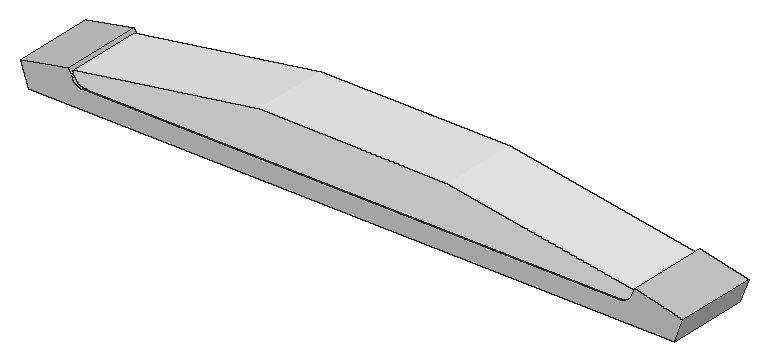
Revit family "2-5105-xx Apollo", category Lighting Fixtures, Revit 2014
Parameters
  Wattage = 9.79521 W
  built-in parameter 1150110 = 1 (stored number, unit not read)
  URL = "http://www.oxygenlighting.com"
  Type Comments = "Lighting - Fluorescent"
  built-in parameter 1114217 = 1 (stored number, unit not read)
  Tilt Angle = 180.00°
  built-in parameter 1150109 = 1 (stored number, unit not read)
  built-in parameter 1150134 = (empty or 0)
  built-in parameter 1150113 = 1 (stored number, unit not read)
  Product Documentation Link = "http://oxygenlighting.com.s3.amazonaws.com/downloads/cutsheets/2-5105-xx.pdf"
  Photometric Web File = "2-5105-24 Apollo 36 ITL77175.IES"
  Model = "2-5105-24"
  Metal Finish [instance] = Satin Nickel
  Manufacturer = "Oxygen Lighting"
  Lumens = 1455 lm
  built-in parameter 1150115 = 1 (stored number, unit not read)
  built-in parameter 1150105 = 115.79 (stored number, unit not read)
  built-in parameter 1150137 = (empty or 0)
  built-in parameter 1150139 = (empty or 0)
  built-in parameter 1150112 = 1 (stored number, unit not read)
  Lamp Manufacturer = "Sylvania"
  built-in parameter 1150114 = 1 (stored number, unit not read)
  Lamp = "2x21W  T-5 Linear Fluorescents"
  Junction Box = "4\" Octogonal"
  Input Voltage (Volts AC) = "120.0"
  Power Factor = "0.99"
  Input Power (Watts) = "44.40"
  Input Current (Amps AC) = ""
  built-in parameter 1150132 = 2
  built-in parameter 1150102 = (empty or 0)
  built-in parameter 1150138 = (empty or 0)
  built-in parameter 1150107 = 3000 (stored number, unit not read)
  built-in parameter 1150106 = 1.1579 (stored number, unit not read)
  Fixture Length = 3' - 1 1/8"
  Fixture Height = 0' - 4.57"
  Emit from Rectangle Width = 2' - 0"
  Emit from Rectangle Length = 4' - 0"
  Emit Shape Visible in Rendering = no
  Efficacy (lm/W) = ""
  built-in parameter 1150104 = 13.8 (stored number, unit not read)
  Dimming Lamp Color Temperature Shift = <None>
  Diffuser = Acrylic - Matte White
  Description = "38\" Vanity - 2x T-5 Linear Fluorescent"
  Default Elevation = 4' - 0"
  Color Filter = 16777215
  Ballast Manufacturer = "Antron"
  built-in parameter 1114218 = 1 (stored number, unit not read)
  built-in parameter 1150133 = 10 (stored number, unit not read)
  Apparent Load = 44.4 VA
Reference planes (in)
  plane 1 "Light Source Axis (F/B)": y = 0
  plane 2: z = 0
  plane 3 "Light Source Axis (L/R)": x = 0
  plane 4 "Light Source Elevation": z = 4
  plane 5: x = -18.5625
  plane 6: x = 18.5625
  plane 7: y = 2.285
  plane 8: y = -2.285
  plane 9: y = -2.16
  plane 10: y = 2.16
Forms (in)
  Extrusion 1, solid, material "Satin Nickel" <- "Metal Finish"
    sketch origin (0, 0, 0) x (1, 0, 0) y (0, 0, 1)
      loop
        line (18.125, 0) -> (18.625, 1.25)
        arc (18.625, 1.25) -> (17.25196, 1.56004) -> (15.875, 1.85218) r 108.11736
        line (15.875, 1.85218) -> (15.75253, 1.50225)
        arc (15.75253, 1.50225) -> (15.47862, 1.13832) -> (15.04463, 1) r 0.75
        line (15.04463, 1) -> (0, 1) -> (-15.04463, 1)
        arc (-15.04463, 1) -> (-15.47862, 1.13832) -> (-15.75253, 1.50225) r 0.75
        line (-15.75253, 1.50225) -> (-15.875, 1.85218)
        arc (-15.875, 1.85218) -> (-17.25196, 1.56004) -> (-18.625, 1.25) r 108.11736
        line (-18.625, 1.25) -> (-18.125, 0) -> (18.125, 0)
    from -2.285 to 2.28125
  Extrusion 2, void
    sketch origin (0, 0, 0) x (1, 0, 0) y (0, 0, 1)
      loop
        line (18.14616, 0.21899) -> (18.49696, 1.08724) -> (15.81377, 1.67721) -> (0, 3.62) -> (-15.81377, 1.67721) -> (-18.50367, 1.10546) -> (-18.14604, 0.21899) -> (18.14616, 0.21899)
    from -2.16 to 2.16
  Extrusion 3, solid, material "Acrylic - Matte White" <- "Diffuser"
    sketch origin (0, 0, 0) x (1, 0, 0) y (0, 0, 1)
      loop
        arc (15.8125, 1.6736) -> (0, 3.62) -> (-15.8125, 1.6736) r 65.20332
        arc (-15.8125, 1.6736) -> (-16.46964, 1.5057) -> (-17.125, 1.33097) r 65.20332
        line (-17.125, 1.33097) -> (-17.125, 0.46899) -> (17.125, 0.46899) -> (17.125, 1.33097)
        arc (17.125, 1.33097) -> (16.46964, 1.5057) -> (15.8125, 1.6736) r 65.20332
    from -2.16 to 2.16
  Extrusion 4, void
    sketch origin (0, 0, 0) x (1, 0, 0) y (0, 0, 1)
      loop
        arc (17, 1.23537) -> (0, 3.495) -> (-17, 1.23537) r 65.07832
        line (-17, 1.23537) -> (-17, 0.46899) -> (17, 0.46899) -> (17, 1.23537)
    from -1.99599 to 2.04128
  Extrusion 5, solid, material "Satin Nickel" <- "Metal Finish", not visible
    sketch origin (0, 0, 0) x (1, 0, 0) y (0, 0, 1)
      loop
        line (18.125, 0) -> (18.625, 1.25)
        arc (18.625, 1.25) -> (17.25196, 1.56004) -> (15.875, 1.85218) r 108.11736
        line (15.875, 1.85218) -> (15.75253, 1.50225)
        arc (15.75253, 1.50225) -> (15.47862, 1.13832) -> (15.04463, 1) r 0.75
        line (15.04463, 1) -> (0, 1) -> (-15.04463, 1)
        arc (-15.04463, 1) -> (-15.47862, 1.13832) -> (-15.75253, 1.50225) r 0.75
        line (-15.75253, 1.50225) -> (-15.875, 1.85218)
        arc (-15.875, 1.85218) -> (-17.25196, 1.56004) -> (-18.625, 1.25) r 108.11736
        line (-18.625, 1.25) -> (-18.125, 0) -> (18.125, 0)
    from -2.285 to 2.28125
  Extrusion 6, void, not visible
    sketch origin (0, 0, 0) x (1, 0, 0) y (0, 0, 1)
      loop
        line (18.14616, 0.21899) -> (18.49696, 1.08724) -> (15.81377, 1.67721) -> (0, 3.62) -> (-15.81377, 1.67721) -> (-18.50367, 1.10546) -> (-18.14604, 0.21899) -> (18.14616, 0.21899)
    from -2.16 to 2.16
  Extrusion 7, solid, material "Acrylic - Matte White" <- "Diffuser", not visible
    sketch origin (0, 0, 0) x (1, 0, 0) y (0, 0, 1)
      loop
        arc (15.8125, 1.6736) -> (0, 3.62) -> (-15.8125, 1.6736) r 65.20332
        arc (-15.8125, 1.6736) -> (-16.46964, 1.5057) -> (-17.125, 1.33097) r 65.20332
        line (-17.125, 1.33097) -> (-17.125, 0.46899) -> (17.125, 0.46899) -> (17.125, 1.33097)
        arc (17.125, 1.33097) -> (16.46964, 1.5057) -> (15.8125, 1.6736) r 65.20332
    from -2.16 to 2.16
  Extrusion 8, void, not visible
    sketch origin (0, 0, 0) x (1, 0, 0) y (0, 0, 1)
      loop
        arc (17, 1.23537) -> (0, 3.495) -> (-17, 1.23537) r 65.07832
        line (-17, 1.23537) -> (-17, 0.46899) -> (17, 0.46899) -> (17, 1.23537)
    from -1.99599 to 2.04128
Cuts and joins
  Extrusion 2, Extrusion 4 cuts Extrusion 1
  Extrusion 4 cuts Extrusion 3
Dimensions and locks (in)
  "Fixture Height": plane 7 to plane 8
  equal spacing: plane 7, plane 1 "Light Source Axis (F/B)", plane 8, locked at 2.285 each
  "Fixture Length": plane 5 to plane 6
  equal spacing: plane 5, plane 3 "Light Source Axis (L/R)", plane 6, locked at 18.5625 each
  aligned and locked: plane 3 "Light Source Axis (L/R)" to imposter light
  aligned and locked: plane 1 "Light Source Axis (F/B)" to imposter light
  aligned and locked: plane 4 "Light Source Elevation" to imposter light
  aligned and locked: level to plane 2
  aligned and locked: plane 10 to Extrusion 2
  aligned and locked: Extrusion 2 to plane 9
  aligned and locked: cut or joined group of Extrusion 1, Extrusion 2, Extrusion 4 to Extrusion 3  (x2)
Automatic sketch dimensions
  Extrusion 1 sketch curve to Extrusion 1 sketch curve = 0' - 0.7079"  (x2)
  Extrusion 1 sketch curve to Extrusion 1 sketch curve = 0' - 0.24775"
  Extrusion 1 sketch curve to Extrusion 1 sketch curve = 0' - 0 3/4"
  Extrusion 1 sketch curve to Extrusion 1 sketch curve = 0' - 0.12247"  (x2)
  Extrusion 1 sketch curve to Extrusion 1 sketch curve = 0' - 0.34993"
  Extrusion 1 sketch curve to Extrusion 1 sketch curve = 0' - 0 1/2"  (x2)
  Extrusion 1 sketch curve to Extrusion 1 sketch curve = 0' - 3.08037"
  Extrusion 1 sketch curve to Extrusion 1 sketch curve = 0' - 0"
  Extrusion 3 sketch curve to Extrusion 3 sketch curve = 0' - 0"  (x10)
  Extrusion 3 sketch curve to Extrusion 3 sketch curve = 0' - 1 5/16"  (x2)
  Extrusion 1 sketch curve to Extrusion 1 sketch curve = 0' - 2 3/4"
  Extrusion 1 sketch curve to Extrusion 1 sketch curve = 1' - 0 1/4"
  Extrusion 1 sketch curve to Extrusion 1 sketch curve = 1' - 3.04463"  (x2)
  Extrusion 1 sketch curve to Extrusion 1 sketch curve = 0' - 11 3/4"
  Extrusion 1 sketch curve to Extrusion 1 sketch curve = 8' - 8.05486"
  Extrusion 1 sketch curve to Extrusion 1 sketch curve = 0' - 1"
  Extrusion 1 sketch curve to Extrusion 1 sketch curve = 0' - 1 1/4"
  Extrusion 2 sketch curve to Extrusion 2 sketch curve = 0' - 0.35764"
  Extrusion 2 sketch curve to Extrusion 2 sketch curve = 0' - 2.68991"
  Extrusion 2 sketch curve to Extrusion 2 sketch curve = 1' - 3.81377"  (x2)
  Extrusion 2 sketch curve to Extrusion 2 sketch curve = 0' - 2.3324"
  Extrusion 2 sketch curve to Extrusion 2 sketch curve = 0' - 0.3508"
  Extrusion 2 sketch curve to Extrusion 2 sketch curve = 0' - 0.86825"
  Extrusion 2 sketch curve to Extrusion 2 sketch curve = 0' - 0.88647"
  Extrusion 2 sketch curve to Extrusion 2 sketch curve = 0' - 0.58997"
  Extrusion 2 sketch curve to Extrusion 2 sketch curve = 0' - 0.57176"
  Extrusion 2 sketch curve to Extrusion 2 sketch curve = 0' - 1.94279"
  Extrusion 3 sketch curve to Extrusion 3 sketch curve = 1' - 5 1/8"
  Extrusion 3 sketch curve to Extrusion 3 sketch curve = 2' - 8 15/16"
  Extrusion 3 sketch curve to Extrusion 3 sketch curve = 5' - 2.05231"
  Extrusion 3 sketch curve to Extrusion 3 sketch curve = 0' - 0.86197"
  Extrusion 4 sketch curve to Extrusion 4 sketch curve = 1' - 5"
  Extrusion 4 sketch curve to Extrusion 4 sketch curve = 2' - 10"
  Extrusion 4 sketch curve to Extrusion 4 sketch curve = 5' - 2.05231"
  Extrusion 4 sketch curve to Extrusion 4 sketch curve = 0' - 0.76638"
  Extrusion 5 sketch curve to Extrusion 5 sketch curve = 0' - 0.7079"  (x2)
  Extrusion 5 sketch curve to Extrusion 5 sketch curve = 0' - 0.24775"
  Extrusion 5 sketch curve to Extrusion 5 sketch curve = 0' - 0 3/4"
  Extrusion 5 sketch curve to Extrusion 5 sketch curve = 0' - 0.12247"  (x2)
  Extrusion 5 sketch curve to Extrusion 5 sketch curve = 0' - 0.34993"
  Extrusion 5 sketch curve to Extrusion 5 sketch curve = 0' - 0 1/2"  (x2)
  Extrusion 5 sketch curve to Extrusion 5 sketch curve = 0' - 3.08037"
  Extrusion 5 sketch curve to Extrusion 5 sketch curve = 0' - 0"
  Extrusion 7 sketch curve to Extrusion 7 sketch curve = 0' - 0"  (x10)
  Extrusion 7 sketch curve to Extrusion 7 sketch curve = 0' - 1 5/16"  (x2)
  Extrusion 5 sketch curve to Extrusion 5 sketch curve = 0' - 2 3/4"
  Extrusion 5 sketch curve to Extrusion 5 sketch curve = 1' - 0 1/4"
  Extrusion 5 sketch curve to Extrusion 5 sketch curve = 1' - 3.04463"  (x2)
  Extrusion 5 sketch curve to Extrusion 5 sketch curve = 0' - 11 3/4"
  Extrusion 5 sketch curve to Extrusion 5 sketch curve = 8' - 8.05486"
  Extrusion 5 sketch curve to Extrusion 5 sketch curve = 0' - 1"
  Extrusion 5 sketch curve to Extrusion 5 sketch curve = 0' - 1 1/4"
  Extrusion 6 sketch curve to Extrusion 6 sketch curve = 0' - 0.35764"
  Extrusion 6 sketch curve to Extrusion 6 sketch curve = 0' - 2.68991"
  Extrusion 6 sketch curve to Extrusion 6 sketch curve = 1' - 3.81377"  (x2)
  Extrusion 6 sketch curve to Extrusion 6 sketch curve = 0' - 2.3324"
  Extrusion 6 sketch curve to Extrusion 6 sketch curve = 0' - 0.3508"
  Extrusion 6 sketch curve to Extrusion 6 sketch curve = 0' - 0.86825"
  Extrusion 6 sketch curve to Extrusion 6 sketch curve = 0' - 0.88647"
  Extrusion 6 sketch curve to Extrusion 6 sketch curve = 0' - 0.58997"
  Extrusion 6 sketch curve to Extrusion 6 sketch curve = 0' - 0.57176"
  Extrusion 6 sketch curve to Extrusion 6 sketch curve = 0' - 1.94279"
  Extrusion 7 sketch curve to Extrusion 7 sketch curve = 1' - 5 1/8"
  Extrusion 7 sketch curve to Extrusion 7 sketch curve = 2' - 8 15/16"
  Extrusion 7 sketch curve to Extrusion 7 sketch curve = 5' - 2.05231"
  Extrusion 7 sketch curve to Extrusion 7 sketch curve = 0' - 0.86197"
  Extrusion 8 sketch curve to Extrusion 8 sketch curve = 1' - 5"
  Extrusion 8 sketch curve to Extrusion 8 sketch curve = 2' - 10"
  Extrusion 8 sketch curve to Extrusion 8 sketch curve = 5' - 2.05231"
  Extrusion 8 sketch curve to Extrusion 8 sketch curve = 0' - 0.76638"
